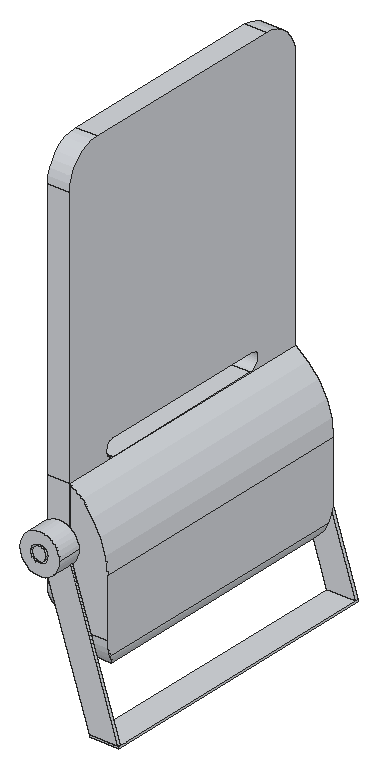
Revit family "2824012", category Generic Models, host Face, Revit 2018
Family settings
  Host = Face
  Can host rebar = No
  Round Connector Dimension = Use Diameter
  Part Type = Normal
  OmniClass Number = 23.80.70.00
  OmniClass Title = Lighting
  Cut with Voids When Loaded = No
  Shared = No
  Room Calculation Point = No
Parameters (values of type "Type Name")
  rotation axis = 142.4 mm
  bracket width = 288 mm
  URL = "http://www.sylvania-lighting.com"
  Type Image = <None>
  Type Comments = "n/a"
  Material_3_SYL = none
  Model = ""
  Manufacturer = "Feilo Sylvania"
  Keynote = ""
  Material_2_SYL = none
  Height = 157.859 mm
  Description = ""
  Default Elevation = 1219.2 mm
  Cost = 0
  Material_1_SYL = none
  Bracket Height = 195 mm
  Assembly Code = ""
  Material_4_SYL = none
Reference planes
  plane 1 "Center (Front/Back)": y = 0
  plane 2: z = 0
  plane 3 "Center (Left/Right)": x = 0
  plane 4: x = -16.5
  plane 5: x = 16.5
  plane 6: z = 155
  plane 7: x = -51.5
  plane 8: z = 137
  plane 9 "Rotation Axis": z = 142.4
  plane 10: z = 152.35
  plane 11: z = 195
  plane 12: x = -73.847
  plane 13: y = -187
  plane 14: y = 187
  plane 15: y = -160
  plane 16: y = 169
  plane 17: y = -169
  plane 18: through (-72.693, -4572, 174.07) normal (-0.3105, 0, 0.9506)
  plane 19: through (-63.557, -4572, 193.954) normal (0.9506, 0, 0.3105)
  plane 20: y = 162
  plane 21: z = 65
Forms (mm)
  Extrusion 1, solid, detail levels medium+fine
    sketch origin (0, 0, 0) x (1, 0, 0) y (0, 1, 0)
      loop
        line (-16.5, 169) -> (-16.5, -169) -> (16.5, -169) -> (16.5, 169) -> (-16.5, 169)
    from 0 to 2
  Extrusion 2, solid, detail levels medium+fine
    sketch origin (1524, -349.9, 1220.035) x (1, 0, 0) y (0, 0, 1)
      loop
        line (-1540.496, -1218.035) -> (-1507.966, -1218.035) -> (-1567.674, -1035.217)
        arc (-1567.674, -1035.217) -> (-1587.557, -1026.081) -> (-1596.693, -1045.965) r 15.473
        line (-1596.693, -1045.965) -> (-1540.496, -1218.035)
    from -180.9 to -182.9
  Extrusion 3, solid, detail levels medium+fine
    sketch origin (0, 0, 0.069) x (1, 0, 0) y (0, 0, 1)
      loop
        line (-16.39, 1.931) -> (16.139, 1.931) -> (-43.636, 184.958)
        arc (-43.636, 184.958) -> (-63.457, 193.922) -> (-72.656, 174.21) r 15.474
        line (-72.656, 174.21) -> (-16.39, 1.931)
    from -169 to -167
  Extrusion 4, solid, detail levels medium+fine
    sketch origin (-6.388, 0, 36.204) x (1, 0, 0) y (0, 0, 1)
      loop
        circle (-51.99, 142.374) r 22.5
    from -162 to -187
  Extrusion 5, solid, detail levels medium+fine
    sketch origin (-6.358, 0, 36.195) x (1, 0, 0) y (0, 0, 1)
      loop
        circle (-51.99, 142.374) r 22.5
    from 160 to 187
  Extrusion 6, void
    sketch origin (-6.256, 0, 44.074) x (1, 0, 0) y (0, 0, 1)
      loop
        circle (-52.373, 134.652) r 10
    from 169 to 187
  Extrusion 7, solid, detail levels fine
    sketch origin (-6.561, 0, 36.201) x (1, 0, 0) y (0, 0, 1)
      loop
        circle (-51.99, 142.374) r 7.5
    from 169 to 187
  Extrusion 8, void
    sketch origin (1517.357, -324.9, 1255.472) x (1, 0, 0) y (0, 0, 1)
      loop
        circle (-1575.99, -1076.826) r 10
    from -511.9 to -493.9
  Extrusion 9, solid, detail levels fine
    sketch origin (1517.42, -324.9, 1255.374) x (1, 0, 0) y (0, 0, 1)
      loop
        circle (-1575.99, -1076.826) r 7.5
    from -511.9 to -493.9
  Revolve 10, solid, not visible, detail levels coarse
    sketch origin (-58.257, 1528.788, 1255.151) x (0, 1, 0) y (0, 0, 1)
      loop
        line (-1362.428, -1054.349) -> (-1379.437, -1054.349) -> (-1379.437, -1074.349) -> (-1362.428, -1074.349) -> (-1362.428, -1054.349)
      axis (-1362.428, -1076.8) -> (-1379.437, -1076.8)
    angle from 0 to 180
Cuts and joins
  Extrusion 6 cuts Extrusion 5
  Extrusion 8 cuts Extrusion 4
Dimensions and locks
  "Bracket Height": plane 11 to level
  plane 17 to plane 16 = 338 mm
  equal spacing: plane 17, plane 1 "Center (Front/Back)", plane 16
  plane 13 to cut or joined group of Extrusion 5, Extrusion 6 = 18 mm
  aligned and locked: plane 2 to host face
  aligned and locked: level to host face
Automatic sketch dimensions
  host sketch curve to host sketch curve = 2438.4 mm  (x2)
  Extrusion 1 sketch curve to plane 4 = 0 mm
  Extrusion 1 sketch curve to plane 5 = 0 mm
  Extrusion 4 sketch curve to plane 9 "Rotation Axis" = 36.178 mm
  Extrusion 5 sketch curve to plane 9 "Rotation Axis" = 36.169 mm
  Extrusion 6 sketch curve to plane 9 "Rotation Axis" = 36.326 mm
  Extrusion 7 sketch curve to plane 9 "Rotation Axis" = 36.175 mm
  Extrusion 8 sketch curve to plane 9 "Rotation Axis" = 36.246 mm
  Extrusion 9 sketch curve to plane 9 "Rotation Axis" = 36.148 mm
  Revolve 10 sketch curve to plane 9 "Rotation Axis" = 35.951 mm
  Revolve 10 sketch curve to Revolve 10 sketch curve = 17.009 mm
  Revolve 10 sketch curve to plane 9 "Rotation Axis" = 38.402 mm
  plane 6 to Revolve 10 sketch curve = 45.802 mm
  Revolve 10 sketch curve to Revolve 10 sketch curve = 62.43 mm
  Revolve 10 sketch curve to Revolve 10 sketch curve = 22.367 mm
  plane 12 to Extrusion 2 sketch curve = 1.154 mm
  plane 7 to Extrusion 2 sketch curve = 6.684 mm
  Extrusion 2 sketch curve to plane 7 = 7.826 mm
  plane 4 to Extrusion 2 sketch curve = 0.004 mm
  level to Extrusion 2 sketch curve = 2 mm
  plane 6 to Extrusion 2 sketch curve = 19.07 mm
  Extrusion 2 sketch curve to Extrusion 2 sketch curve = 5.374 mm
  Extrusion 2 sketch curve to plane 5 = 0.466 mm
  plane 12 to Extrusion 3 sketch curve = 1.191 mm
  plane 7 to Extrusion 3 sketch curve = 6.582 mm
  Extrusion 3 sketch curve to plane 7 = 7.864 mm
  plane 4 to Extrusion 3 sketch curve = 0.11 mm
  Extrusion 3 sketch curve to plane 5 = 0.361 mm
  level to Extrusion 3 sketch curve = 2 mm
  Extrusion 3 sketch curve to Extrusion 3 sketch curve = 5.202 mm
  Extrusion 3 sketch curve to plane 11 = 9.973 mm
  plane 7 to Extrusion 6 sketch curve = 7.13 mm
  plane 7 to Extrusion 7 sketch curve = 7.051 mm
  plane 7 to Extrusion 9 sketch curve = 7.07 mm
  plane 7 to Extrusion 4 sketch curve = 6.879 mm
  plane 7 to Extrusion 5 sketch curve = 6.848 mm
  plane 7 to Extrusion 8 sketch curve = 7.133 mm
  Extrusion 1 sketch curve to plane 16 = 0 mm
  Revolve 10 sketch curve to plane 20 = 12.649 mm
  Extrusion 1 sketch curve to plane 17 = 0 mm
  radius of Extrusion 4 sketch curve = 22.5 mm
  radius of Extrusion 5 sketch curve = 22.5 mm
  radius of Extrusion 6 sketch curve = 10 mm
  radius of Extrusion 7 sketch curve = 7.5 mm
  radius of Extrusion 8 sketch curve = 10 mm
  radius of Extrusion 9 sketch curve = 7.5 mm
Nested families
  nested 1: "2824012" at (-58.257, -67.167, 317.5) x (0, 1, 0) z (1, 0, 0), type "2824012 RAIDEN IP66 21KLM 830 WIDE"
    with built-in parameter 1114216 (empty or 0)
Definition of nested family "2824012"
  Parameters (values of type "2824012 RAIDEN IP66 21KLM 830 WIDE")
    height = 60 mm
    Width = 319 mm
    Wattage Comments = "n/a"
    Wattage = 9.2903 W
    built-in parameter 1150110 = 1 (stored number, unit not read)
    URL = "0.95"
    Type Image = (empty or 0)
    Type Comments = "n/a"
    built-in parameter 1114217 = 1 (stored number, unit not read)
    Tilt Angle = -90.00°
    built-in parameter 1150109 = 1 (stored number, unit not read)
    built-in parameter 1150134 = 3
    built-in parameter 1150113 = 1 (stored number, unit not read)
    Photometric Web File = "2824012.IES"
    Material_3_SYL = none
    Model = "Raiden IP66 21KLM 830 Symmetric Wide"
    Manufacturer = ""
    built-in parameter 1150105 = 109.82 (stored number, unit not read)
    Lumens = 1380 lm
    built-in parameter 1150115 = 1 (stored number, unit not read)
    built-in parameter 1150137 = (empty or 0)
    built-in parameter 1150139 = (empty or 0)
    Length = 511 mm
    built-in parameter 1150112 = 1 (stored number, unit not read)
    built-in parameter 1150114 = 1 (stored number, unit not read)
    Lamp = "n/a"
    Keynote = "n/a"
    Material_2_SYL = none
    built-in parameter 1150132 = (empty or 0)
    built-in parameter 1150102 = (empty or 0)
    built-in parameter 1150107 = 3200 (stored number, unit not read)
    built-in parameter 1150138 = (empty or 0)
    built-in parameter 1150106 = 1.0982 (stored number, unit not read)
    Emit from Circle Diameter = 609.6 mm
    Emit Shape Visible in Rendering = no
    built-in parameter 1150104 = 13.8 (stored number, unit not read)
    Dimming Lamp Color Temperature Shift = (empty or 0)
    Description = "Outdoor and indoor floodlight range with in house design, comes complete with 1m flying lead and adjustable bracket, aluminium housing, RAL 9022 - Pearl light grey, clear glass diffuser, IP66, IK08, Class I, 3000K, Non-dimming, 21300lm, 157W, 136lm/W, CRI80, Symmetric Wide beam angle 60°, 100000 hrs L80B50 lifespan, 511x319x76mm (LxWxH) dimensions, 6.6kg weight."
    Default Elevation = 1219.2 mm
    Cost = 0
    Color Filter = 16777215
    built-in parameter 1114216 [instance] = (empty or 0)
    Material_1_SYL = none
    built-in parameter 1114218 = 1 (stored number, unit not read)
    built-in parameter 1150133 = 10 (stored number, unit not read)
    Assembly Code = "D5020200"
    Apparent Load = 157 VA
    Material_4_SYL = none
  Reference planes
    plane 1 "Center (Front/Back)": y = 2.5
    plane 2: z = 0.95
    plane 3 "Center (Left/Right)": x = 68.124
    plane 4: z = -14.05
    plane 5: z = 15.95
    plane 6: x = 227.624
    plane 7: z = 0.95
    plane 8: z = 45.95
    plane 9: x = -91.376
    plane 10: y = -253
    plane 11: y = 258
    plane 12: y = 5.117
    plane 13: y = -56
    plane 14: y = -49.461
    plane 15: x = 175.624
    plane 16: x = -39.376
    plane 17: x = 1.624
    plane 18: y = -226
    plane 19: y = 236
    plane 20: y = -76
    plane 21: y = -16
    plane 22: x = -67.376
    plane 23: y = -213
    plane 24: x = -51.376
    plane 25: x = 187.624
    plane 26: x = 227.624
    plane 27: x = 134.624
  Forms (mm)
    Extrusion 1, solid
      sketch origin (26.073, 0, 0.95) x (1, 0, 0) y (0, 1, 0)
        loop
          line (-1219.2, 1219.2) -> (-1219.2, -1219.2) -> (1219.2, -1219.2) -> (1219.2, 1219.2) -> (-1219.2, 1219.2)
      from 0 to -68.017
    Extrusion 2, solid, detail levels medium+fine
      sketch origin (83.124, -34.451, 0.95) x (1, 0, 0) y (0, 1, 0)
        loop
          line (-174.5, 253) -> (-174.5, -151.549)
          arc (-174.5, -151.549) -> (-162.784, -179.833) -> (-134.5, -191.549) r 40
          line (-134.5, -191.549) -> (104.5, -191.549)
          arc (104.5, -191.549) -> (132.784, -179.833) -> (144.5, -151.549) r 40
          line (144.5, -151.549) -> (144.5, 253)
          arc (144.5, 253) -> (132.784, 281.284) -> (104.5, 293) r 40
          line (104.5, 293) -> (-134.5, 293)
          arc (-134.5, 293) -> (-162.784, 281.284) -> (-174.5, 253) r 40
      from -15 to 9.702
    Extrusion 3, solid, detail levels medium+fine
      sketch origin (402.124, 1489.549, 1205.15) x (0, 1, 0) y (0, 0, 1)
        loop
          line (-1644.468, -1151.519) -> (-1728.014, -1151.519)
          arc (-1728.014, -1151.519) -> (-1739.904, -1157.404) -> (-1742.436, -1170.427) r 14.954
          line (-1742.436, -1170.427) -> (-1715.549, -1219.2) -> (-1565.549, -1219.2) -> (-1565.549, -1194.2)
          arc (-1565.549, -1194.2) -> (-1599.607, -1162.873) -> (-1644.468, -1151.519) r 94.303
      from -493.5 to -174.5
    Extrusion 4, void
      sketch origin (81.72, -11.578, 0.95) x (1, 0, 0) y (0, 1, 0)
        loop
          arc (-149.096, 10.578) -> (-144.703, -0.029) -> (-134.096, -4.422) r 15
          line (-134.096, -4.422) -> (106.904, -4.422)
          arc (106.904, -4.422) -> (117.51, -0.029) -> (121.904, 10.578) r 15
          line (121.904, 10.578) -> (121.904, 232.578)
          arc (121.904, 232.578) -> (117.51, 243.184) -> (106.904, 247.578) r 15
          line (106.904, 247.578) -> (-134.096, 247.578)
          arc (-134.096, 247.578) -> (-144.703, 243.184) -> (-149.096, 232.578) r 15
          line (-149.096, 232.578) -> (-149.096, 10.578)
      from -16.268 to -10.594
    Extrusion 5, solid, detail levels fine
      sketch origin (83.124, 0.218, 0.95) x (1, 0, 0) y (0, 1, 0)
        loop
          arc (-135.5, 235.782) -> (-146.107, 231.388) -> (-150.5, 220.782) r 15
          line (-150.5, 220.782) -> (-150.5, -1.218)
          arc (-150.5, -1.218) -> (-146.107, -11.825) -> (-135.5, -16.218) r 15
          line (-135.5, -16.218) -> (105.5, -16.218)
          arc (105.5, -16.218) -> (116.107, -11.825) -> (120.5, -1.218) r 15
          line (120.5, -1.218) -> (120.5, 220.782)
          arc (120.5, 220.782) -> (116.107, 231.388) -> (105.5, 235.782) r 15
          line (105.5, 235.782) -> (-135.5, 235.782)
      from -12.231 to -10.594
    Extrusion 6, void
      sketch origin (59.01, -67.578, 0.95) x (1, 0, 0) y (0, 1, 0)
        loop
          arc (106.512, -8.423) -> (116.512, 1.577) -> (106.512, 11.577) r 10
          line (106.512, 11.577) -> (-88.339, 11.577)
          arc (-88.339, 11.577) -> (-98.339, 1.577) -> (-88.339, -8.423) r 10
          line (-88.339, -8.423) -> (106.512, -8.423)
      from -18.734 to 12.525
    Extrusion 7, void
      sketch origin (68.124, -34.451, 0) x (0, 1, 0) y (0, 0, 1)
        loop
          line (-253.049, 15.95) -> (-253.049, -34.125) -> (-191.549, -30.902) -> (-191.549, 15.95) -> (-253.049, 15.95)
      from 66.5 to 210.265
    Extrusion 8, void
      sketch origin (68.124, -34.451, 0) x (0, 1, 0) y (0, 0, 1)
        loop
          line (-191.549, 15.95) -> (-275.432, 15.95) -> (-275.432, -28.004) -> (-191.549, -28.004) -> (-191.549, 15.95)
      from -190.34 to -66.5
    Extrusion 9, void
      sketch origin (23.624, -126, 0.95) x (1, 0, 0) y (0, 1, 0)
        loop
          line (-115, -60) -> (-115, -100) -> (-75, -100)
          arc (-75, -100) -> (-103.284, -88.284) -> (-115, -60) r 40
      from -22.043 to 15
    Extrusion 10, void
      sketch origin (91.954, 19.065, 0.95) x (1, 0, 0) y (0, 1, 0)
        loop
          line (95.67, -245.065) -> (135.67, -245.065) -> (135.67, -205.065)
          arc (135.67, -205.065) -> (123.954, -233.349) -> (95.67, -245.065) r 40
      from -24.354 to 15
    Extrusion 11, solid, detail levels medium+fine
      sketch origin (1607.216, -359.351, 1205.129) x (1, 0, 0) y (0, 0, 1)
        loop
          circle (-1419.5, -1204.2) r 11
      from -136.15 to -106.464
    Extrusion 12, void
      sketch origin (0, 0, 0.95) x (1, 0, 0) y (0, 1, 0)
        loop
          line (-91.376, -186) -> (-91.376, -226) -> (-51.376, -226)
          arc (-51.376, -226) -> (-79.66, -214.284) -> (-91.376, -186) r 40
      from 0 to 12.525
    Extrusion 13, void
      sketch origin (0, 0, 0.95) x (1, 0, 0) y (0, 1, 0)
        loop
          line (-91.376, -221) -> (-91.376, -261) -> (-51.376, -261)
          arc (-51.376, -261) -> (-79.66, -249.284) -> (-91.376, -221) r 40
      from 0 to 100
    Extrusion 14, void
      sketch origin (0, 0, 0.95) x (1, 0, 0) y (0, 1, 0)
        loop
          arc (227.624, -215.988) -> (215.905, -244.281) -> (187.612, -256) r 40.012
          line (187.612, -256) -> (227.624, -256) -> (227.624, -215.988)
      from 12.525 to 100
    Extrusion 15, solid, detail levels coarse
      sketch origin (0, 0, 0.95) x (1, 0, 0) y (0, 1, 0)
        loop
          line (-91.376, 258.549) -> (-91.376, -252.887) -> (227.624, -252.887) -> (227.624, 258.549) -> (-91.376, 258.549)
      from -15 to 52.681
  Cuts and joins
    Extrusion 4, Extrusion 6, Extrusion 7, Extrusion 8, Extrusion 9, Extrusion 10, Extrusion 12 cuts Extrusion 2
    Extrusion 6, Extrusion 7, Extrusion 8, Extrusion 9, Extrusion 10, Extrusion 12, Extrusion 13, Extrusion 14 cuts Extrusion 3
    Extrusion 14 cuts Extrusion 11
  Dimensions and locks
    "height": plane 4 to plane 8
    "Width": plane 9 to plane 6
    equal spacing: plane 9, plane 3 "Center (Left/Right)", plane 6
    equal spacing: plane 11, plane 1 "Center (Front/Back)", plane 10
    "Length": plane 11 to plane 10
    aligned and locked: plane 2 to Extrusion 1
    aligned and locked: level to Extrusion 1
  Automatic sketch dimensions
    Extrusion 1 sketch curve to Extrusion 1 sketch curve = 2438.4 mm  (x2)
    Extrusion 4 sketch curve to plane 3 "Center (Left/Right)" = 135.5 mm
    Extrusion 4 sketch curve to Extrusion 4 sketch curve = 15 mm  (x3)
    plane 1 "Center (Front/Back)" to Extrusion 4 sketch curve = 18.5 mm
    Extrusion 4 sketch curve to Extrusion 4 sketch curve = 222 mm
    Extrusion 5 sketch curve to plane 3 "Center (Left/Right)" = 135.5 mm
    Extrusion 5 sketch curve to Extrusion 5 sketch curve = 15 mm  (x2)
    plane 1 "Center (Front/Back)" to Extrusion 5 sketch curve = 18.5 mm
    Extrusion 5 sketch curve to Extrusion 5 sketch curve = 222 mm
    Extrusion 7 sketch curve to plane 5 = 0 mm
    Extrusion 7 sketch curve to plane 4 = 16.852 mm
    Extrusion 7 sketch curve to plane 4 = 20.075 mm
    Extrusion 8 sketch curve to plane 5 = 0 mm
    Extrusion 8 sketch curve to plane 4 = 13.954 mm
    Extrusion 8 sketch curve to Extrusion 8 sketch curve = 83.883 mm
    Extrusion 9 sketch curve to plane 3 "Center (Left/Right)" = 159.5 mm
    Extrusion 9 sketch curve to Extrusion 9 sketch curve = 40 mm
    Extrusion 10 sketch curve to plane 6 = 0 mm
    Extrusion 11 sketch curve to level = 0.021 mm
    Extrusion 4 sketch curve to plane 6 = 39 mm  (x2)
    Extrusion 5 sketch curve to plane 6 = 39 mm  (x2)
    Extrusion 5 sketch curve to plane 6 = 24 mm
    Extrusion 10 sketch curve to Extrusion 10 sketch curve = 40 mm
    Extrusion 11 sketch curve to plane 6 = 39.908 mm
    Extrusion 2 sketch curve to plane 9 = 0 mm
    Extrusion 2 sketch curve to plane 6 = 0 mm
    plane 10 to Extrusion 2 sketch curve = 27 mm
    plane 9 to Extrusion 2 sketch curve = 40 mm  (x2)
    Extrusion 2 sketch curve to plane 11 = 39.451 mm  (x2)
    Extrusion 2 sketch curve to plane 6 = 40 mm
    Extrusion 12 sketch curve to plane 9 = 0 mm
    Extrusion 12 sketch curve to plane 18 = 0 mm
    plane 22 to Extrusion 12 sketch curve = 16 mm
    Extrusion 13 sketch curve to plane 9 = 0 mm
    Extrusion 13 sketch curve to plane 24 = 0 mm
    Extrusion 13 sketch curve to plane 23 = 8 mm
    Extrusion 13 sketch curve to plane 10 = 8 mm
    Extrusion 14 sketch curve to plane 25 = 0.012 mm
    Extrusion 14 sketch curve to plane 6 = 0 mm
    Extrusion 14 sketch curve to plane 23 = 2.988 mm
    Extrusion 14 sketch curve to plane 10 = 3 mm
    Extrusion 7 sketch curve to plane 18 = 0 mm
    Extrusion 7 sketch curve to plane 10 = 34.5 mm
    Extrusion 8 sketch curve to plane 18 = 0 mm
    Extrusion 9 sketch curve to plane 18 = 0 mm
    Extrusion 10 sketch curve to plane 18 = 0 mm
    Extrusion 6 sketch curve to plane 13 = 0.001 mm
    Extrusion 6 sketch curve to plane 20 = 0.001 mm
    plane 16 to Extrusion 6 sketch curve = 10.047 mm
    Extrusion 6 sketch curve to plane 15 = 10.102 mm
    Extrusion 3 sketch curve to plane 4 = 0 mm
    Extrusion 3 sketch curve to plane 18 = 0 mm
    Extrusion 3 sketch curve to plane 20 = 0 mm
    plane 10 to Extrusion 3 sketch curve = 14.535 mm
    plane 10 to Extrusion 3 sketch curve = 0.113 mm
    Extrusion 3 sketch curve to plane 4 = 26.622 mm
    Extrusion 3 sketch curve to plane 8 = 11.227 mm
    Extrusion 3 sketch curve to plane 8 = 7.273 mm
    Extrusion 3 sketch curve to plane 5 = 5 mm
    Extrusion 15 sketch curve to plane 9 = 0 mm
    Extrusion 15 sketch curve to plane 6 = 0 mm
    plane 11 to Extrusion 15 sketch curve = 0.549 mm
    plane 10 to Extrusion 15 sketch curve = 0.113 mm
    radius of Extrusion 11 sketch curve = 11 mm
  Connectors
    electrical at (187.716, -252.887, 0.929)
      settings: on Extrusion 11, index 1, voltage 0 V, apparent load 0 VA, apparent load phase1 0 VA, apparent load phase2 0 VA, apparent load phase3 0 VA, power factor 1, load classification none, number of poles 1, system type 31, power factor state 1, is connector primary yes, connector utility no, sub classification motor no, connector description ""
